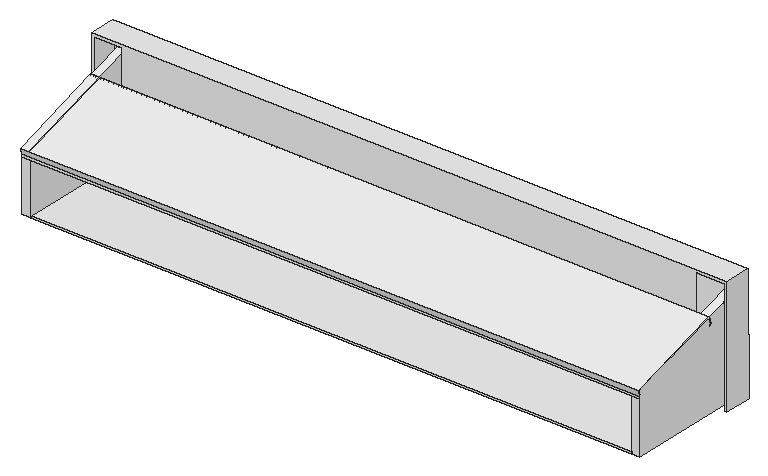
Revit family "Lavatory-Four_Station-Sloan-Gradient-ELGR-84000", category Plumbing Fixtures, host Face, Revit 2015
Parameters (values of type "ELGR-84000")
  Width = 120"
  Waste Connection Radius = 3/4"
  Waste Connection Height = 20"
  Waste Connection Diameter = Waste Connection Radius * 2  # 1 1/2"
  Waste Connection = yes
  Warranty Information = "3 Year Limited Warranty"
  WFU = 2
  Vent Connection = no
  URL = "https://www.sloan.com/"
  Type Comments = "Provide 4 sets of faucets."
  Soap Dispenser Holes = no
  Soap Dispenser Hole Punch = if(Soap Dispenser Holes, 0", 1/4")  # 1/4"
  Revised Date = "01/24/2019"  # constant formula
  Product Page URL = "https://www.sloan.com/commercial-bathroom-products/sinks/sloanstone/elgr-84000"
  Product Documentation Link = "https://www.sloan.com/spec-sheet/152153311"
  Price = "Prices may vary. Please consult Manufacturer Representative for most up-to-date price list."  # constant formula
  Model = "ELGR-84000"
  Material = "SloanStone-Sloan-WH-White"
  Manufacturer = "SLOAN"
  Length = 22"
  Installation Type = "Wall Mounted"
  IAPMO Compliance = "cUPC"
  Hot Water Connection Width = Cold Water Connection Width  # 4"
  Hot Water Connection Height = Cold Water Connection Height  # 24"
  Hot Water Connection Diameter = Cold Water Connection Diameter  # 1/2"
  Faucet Width = 30"
  Faucet Hole Punch = if(Faucet Holes, 0", 1/4")  # 0"
  Height = 5"
  HWFU = 1.5
  HW Connection = yes
  Finish = SloanStone-Sloan-WH-White
  Faucet Holes = yes
  ENC - Enclosure = no
  Description = "SloanStone® Four Station Gradient Solid Surface lavatory."
  Default Elevation = 34"
  Creation Date = "04/15/2013"
  Cold Water Connection Width = 4"
  Cold Water Connection Radius = 1/4"
  Cold Water Connection Height = 24"
  Cold Water Connection Diameter = Cold Water Connection Radius * 2  # 1/2"
  CWFU = 1.5
  CW Connection = yes
  Basin Shape = "Rectangular"
  Assembly Code = "D2010300"
  ADA Compliant = yes
  AB - Angle Bracket = yes
Reference planes (in)
  plane 1 "Center (Front/Back)": y = 0
  plane 2: z = 0
  plane 3 "Center (Left/Right)": x = 0
  plane 4: y = -5
  plane 5: x = 60
  plane 6: x = -60
  plane 7: z = 22
  plane 8: y = -34
  plane 9: y = -14
  plane 10: y = -10
  plane 11: x = -15
  plane 12: x = 15
  plane 13: x = 9
  plane 14: x = -9
  plane 15: z = 5
  plane 16: z = 7.5
  plane 17: z = 19
  plane 18: z = 6.25
  plane 19: x = 56
  plane 20: x = 4
  plane 21: x = 27
  plane 22: x = 39
  plane 23: x = -39
Forms (in)
  Extrusion 1, solid, material "SloanStone-Sloan-WH-White" <- "Finish"
    sketch origin (0, 0, 0) x (1, 0, 0) y (0, 0, 1)
      loop
        line (60, 22) -> (-60, 22) -> (-60, 0) -> (-59.52756, 0) -> (-59.52756, 21.52756) -> (59.52756, 21.52756) -> (59.52756, 0) -> (60, 0) -> (60, 22)
    from 0 to 5
  Extrusion 2, solid, material "SloanStone-Sloan-WH-White" <- "Finish"
    sketch origin (0, 0, 0) x (1, 0, 0) y (0, 0, 1)
      loop
        line (60, 0) -> (60, 22) -> (-60, 22) -> (-60, 0) -> (60, 0)
      loop
        line (56, 19) -> (-56, 19) -> (-56, 5) -> (56, 5) -> (56, 19)
    from 0 to 0.47244
  Extrusion 3, solid, material "SloanStone-Sloan-WH-White" <- "Finish"
    sketch origin (0, 0, 0) x (0, 1, 0) y (0, 0, 1)
      loop
        line (0, 19) -> (0, 22) -> (-5, 22) -> (-5, 4.52756) -> (0, 4.52756) -> (0, 5) -> (-4, 5) -> (-4, 7.5) -> (0, 19)
    from -59.52756 to 59.52756
  Extrusion 4, solid, material "SloanStone-Sloan-WH-White" <- "Finish"
    sketch origin (0, 0, 0) x (1, 0, 0) y (0, 1, 0)
      loop
        line (56, 0) -> (53.91846, -4.75781) -> (54.43413, -4.75781) -> (56.30898, -0.47244) -> (56, 0)
      loop
        line (-56, 0) -> (-56.30898, -0.47244) -> (-54.43413, -4.75781) -> (-53.91846, -4.75781) -> (-56, 0)
    from 5 to 19.08029
  Extrusion 5, solid, not visible
    sketch origin (0, 0, 0) x (1, 0, 0) y (0, 1, 0)
      loop
        circle (-19, -10) r 0.25
      loop
        circle (-11, -10) r 0.25
      loop
        circle (19.02866, -10.12573) r 0.25
      loop
        circle (11, -10) r 0.25
      loop
        circle (49.02866, -10.12573) r 0.25
      loop
        circle (41, -10) r 0.25
      loop
        circle (-49, -10) r 0.25
      loop
        circle (-41, -10) r 0.25
      loop
        circle (-27, -14) r 0.75
    from 0 to 0.032
  Extrusion 6, void
    sketch origin (0, 0, 0) x (1, 0, 0) y (0, 0, 1)
      loop
        circle (15, 2.75) r 0.625
      loop
        circle (-15, 2.75) r 0.625
      loop
        circle (45, 2.75) r 0.625
      loop
        circle (-45, 2.75) r 0.625
      loop
        circle (39, 2.75) r 0.62421
      loop
        circle (9, 2.75) r 0.62421
      loop
        circle (-9, 2.75) r 0.62421
      loop
        circle (-39, 2.75) r 0.62421
    from 0 <- "Faucet Hole Punch" to 0.47244
  Extrusion 7, void
    sketch origin (27, 0, 0) x (1, 0, 0) y (0, 0, 1)
      loop
        circle (0, 6.25) r 0.75
    from 4 to 5
  Revolve 8, solid, material "Cast Brass-Sloan-Chrome Plated"
    sketch origin (27, -3.91406, 6.19531) x (0, 0, -1) y (0, 1, 0)
      loop
        line (0, 0) -> (0, -0.08594) -> (1.08203, -0.08594)
        arc (1.08203, -0.08594) -> (1.125, -0.04297) -> (1.08203, 0) r 0.04297
        line (1.08203, 0) -> (0, 0)
      axis (0, -0.08594) -> (0, 0)
    angle from 0 to 360
  Extrusion 9, void
    sketch origin (27, -3.91406, 6.19531) x (1, 0, 0) y (0, 0, -1)
      loop
        circle (0, 0) r 0.10938
      loop
        circle (0, 0.25) r 0.10938
      loop
        circle (0, 0.5) r 0.10938
      loop
        circle (-0.25, 0.125) r 0.10938
      loop
        circle (-0.25, 0.375) r 0.10938
      loop
        circle (-0.25, -0.125) r 0.10938
      loop
        circle (-0.25, -0.375) r 0.10938
      loop
        circle (0, -0.25) r 0.10938
      loop
        circle (0, -0.5) r 0.10938
      loop
        circle (-0.5, 0.25) r 0.10938
      loop
        circle (-0.5, 0) r 0.10938
      loop
        circle (-0.5, -0.25) r 0.10938
      loop
        circle (0.25, 0.125) r 0.10938
      loop
        circle (0.25, 0.375) r 0.10938
      loop
        circle (0.25, -0.125) r 0.10938
      loop
        circle (0.25, -0.375) r 0.10938
      loop
        circle (0.5, 0.25) r 0.10938
      loop
        circle (0.5, 0) r 0.10938
      loop
        circle (0.5, -0.25) r 0.10938
    from -0.08594 to 0.17458
  Extrusion 10, void
    sketch origin (0, 0, 0) x (1, 0, 0) y (0, 1, 0)
      loop
        line (-56.30898, -0.47244) -> (-59.52756, -0.47244) -> (-59.52756, -5) -> (-54.32818, -5) -> (-56.30898, -0.47244)
      loop
        line (56.30898, -0.47244) -> (54.32818, -5) -> (59.52756, -5) -> (59.52756, -0.47244) -> (56.30898, -0.47244)
    from 0 to 21.52756
  Extrusion 11, void
    sketch origin (-27, 0, 0) x (-1, 0, 0) y (0, 0, -1)
      loop
        circle (0, -6.25) r 0.75
    from 4 to 5
  Revolve 12, solid, material "Cast Brass-Sloan-Chrome Plated"
    sketch origin (-27, -3.91406, 6.19531) x (0, 0, -1) y (0, -1, 0)
      loop
        line (0, 0) -> (1.08203, 0)
        arc (1.08203, 0) -> (1.125, 0.04297) -> (1.08203, 0.08594) r 0.04297
        line (1.08203, 0.08594) -> (0, 0.08594) -> (0, 0)
      axis (0, 0.08594) -> (0, 0)
    angle from 0 to 360
  Extrusion 13, void
    sketch origin (-27, -3.91406, 6.19531) x (-1, 0, 0) y (0, 0, 1)
      loop
        circle (0, 0) r 0.10938
      loop
        circle (0, -0.25) r 0.10938
      loop
        circle (0, -0.5) r 0.10938
      loop
        circle (-0.25, -0.125) r 0.10938
      loop
        circle (-0.25, -0.375) r 0.10938
      loop
        circle (-0.25, 0.125) r 0.10938
      loop
        circle (-0.25, 0.375) r 0.10938
      loop
        circle (0, 0.25) r 0.10938
      loop
        circle (0, 0.5) r 0.10938
      loop
        circle (-0.5, -0.25) r 0.10938
      loop
        circle (-0.5, 0) r 0.10938
      loop
        circle (-0.5, 0.25) r 0.10938
      loop
        circle (0.25, -0.125) r 0.10938
      loop
        circle (0.25, -0.375) r 0.10938
      loop
        circle (0.25, 0.125) r 0.10938
      loop
        circle (0.25, 0.375) r 0.10938
      loop
        circle (0.5, -0.25) r 0.10938
      loop
        circle (0.5, 0) r 0.10938
      loop
        circle (0.5, 0.25) r 0.10938
    from -0.08594 to 0.17458
  Extrusion 14, solid, material "Metal-Sloan-Chrome"
    sketch origin (-14.08173, -0.53181, 0) x (0, 1, 0) y (0, 0, 1)
      loop
        line (-22.97257, 9.7546) -> (-22.97257, 10.28814) -> (-23.27074, 11.2332) -> (-6.7584, 16.44285) -> (-6.34019, 15.11723) -> (-6.59291, 15.0375) -> (-6.55981, 14.9326) -> (-6.20219, 15.04543) -> (-6.68686, 16.58169) -> (-23.41257, 11.30492) -> (-23.07852, 10.24636) -> (-23.07852, 9.7546) -> (-22.97257, 9.7546)
    from -44.3125 to 72.47596
  Extrusion 15, solid, material "Stainless Steel-Sloan-Satin"
    sketch origin (-14.08173, -0.53181, 0) x (0, 1, 0) y (0, 0, 1)
      loop
        line (-22.97, 0) -> (-0.47, 0) -> (-0.47, 0.25) -> (-22.97, 0.25) -> (-22.97, 0)
    from -42.75666 to 70.92012
  Extrusion 16, solid, material "Stainless Steel-Sloan-Satin"
    sketch origin (-0.89423, 28.8716, 0) x (0, 1, 0) y (0, 0, 1)
      loop
        line (-52.67414, 11.2332) -> (-52.37341, 10.28) -> (-52.37341, 0) -> (-29.87341, 0) -> (-29.87341, 18.42646) -> (-52.67414, 11.2332)
    from -57.5 to -55.94417
  Extrusion 17, solid, material "Stainless Steel-Sloan-Satin"
    sketch origin (0.89423, 28.8716, 0) x (0, 1, 0) y (0, 0, -1)
      loop
        line (-52.67414, -11.2332) -> (-29.87341, -18.42646) -> (-29.87341, 0) -> (-52.37341, 0) -> (-52.37341, -10.28) -> (-52.67414, -11.2332)
    from -57.5 to -55.94417
Cuts and joins
  Extrusion 6, Extrusion 7, Extrusion 10, Extrusion 11 cuts Extrusion 1
  Extrusion 6, Extrusion 7, Extrusion 10, Extrusion 11 cuts Extrusion 2
  Extrusion 6, Extrusion 7, Extrusion 10, Extrusion 11 cuts Extrusion 3
  Extrusion 6, Extrusion 7, Extrusion 10, Extrusion 11 cuts Extrusion 4
  joined: Extrusion 1, Extrusion 2, Extrusion 3, Extrusion 4
  Extrusion 9, Extrusion 11, Extrusion 13 cuts Revolve 8
  Extrusion 13 cuts Revolve 12
Lines and regions (in)
  Masking region 1
    outline origin (0, 0, 0) x (1, 0, 0) y (0, 0, 1)
      loop
        line (60, 0) -> (60, 22) -> (-60, 22) -> (-60, 0) -> (60, 0)
  symbolic lines, detail levels medium+fine
    curve 1: line (56, 0, 19) -> (-56, 0, 19)
    curve 2: line (56, 0, 5) -> (56, 0, 19)
    curve 3: line (-56, 0, 5) -> (56, 0, 5)
    curve 4: line (-56, 0, 19) -> (-56, 0, 5)
  symbolic lines, detail levels fine
    curve 5: line (54.25, 0, 5) -> (54.25, 0, 7.5)
    curve 6: line (54.25, 0, 7.5) -> (56, 0, 19)
    curve 7: line (-54.25, 0, 5) -> (-54.25, 0, 7.5)
    curve 8: line (-54.25, 0, 7.5) -> (-56, 0, 19)
    curve 9: line (54.25, 0, 7.5) -> (-54.25, 0, 7.5)
    curve 10: circle (27, 0, 6.19531) r 1.11389 normal (0, -1, 0)
    curve 11: circle (27, 0, 6.69531) r 0.10938 normal (0, -1, 0)
    curve 12: circle (26.75, 0, 6.57031) r 0.10938 normal (0, -1, 0)
    curve 13: circle (26.5, 0, 6.44531) r 0.10938 normal (0, -1, 0)
    curve 14: circle (27.25, 0, 6.57031) r 0.10938 normal (0, -1, 0)
    curve 15: circle (27.5, 0, 6.44531) r 0.10938 normal (0, -1, 0)
    curve 16: circle (27.5, 0, 6.19531) r 0.10938 normal (0, -1, 0)
    curve 17: circle (27.25, 0, 6.32031) r 0.10938 normal (0, -1, 0)
    curve 18: circle (27, 0, 6.44531) r 0.10938 normal (0, -1, 0)
    curve 19: circle (26.75, 0, 6.32031) r 0.10938 normal (0, -1, 0)
    curve 20: circle (26.5, 0, 6.19531) r 0.10938 normal (0, -1, 0)
    curve 21: circle (27, 0, 6.19531) r 0.10938 normal (0, -1, 0)
    curve 22: circle (27.25, 0, 6.07031) r 0.10938 normal (0, -1, 0)
    curve 23: circle (27.5, 0, 5.94531) r 0.10938 normal (0, -1, 0)
    curve 24: circle (27.25, 0, 5.82031) r 0.10938 normal (0, -1, 0)
    curve 25: circle (27, 0, 5.94531) r 0.10938 normal (0, -1, 0)
    curve 26: circle (26.75, 0, 6.07031) r 0.10938 normal (0, -1, 0)
    curve 27: circle (27, 0, 5.69531) r 0.10938 normal (0, -1, 0)
    curve 28: circle (26.75, 0, 5.82031) r 0.10938 normal (0, -1, 0)
    curve 29: circle (26.5, 0, 5.94531) r 0.10938 normal (0, -1, 0)
    curve 30: circle (45, 0, 2.75) r 0.625 normal (0, -1, 0)
    curve 31: circle (39, 0, 2.75) r 0.62421 normal (0, -1, 0)
    curve 32: circle (15, 0, 2.75) r 0.625 normal (0, -1, 0)
    curve 33: circle (9, 0, 2.75) r 0.62421 normal (0, -1, 0)
    curve 34: circle (-9, 0, 2.75) r 0.62421 normal (0, -1, 0)
    curve 35: circle (-15, 0, 2.75) r 0.625 normal (0, -1, 0)
    curve 36: circle (-39, 0, 2.75) r 0.62421 normal (0, -1, 0)
    curve 37: circle (-45, 0, 2.75) r 0.625 normal (0, -1, 0)
    curve 38: circle (-27, 0, 6.19531) r 1.11389 normal (0, 1, 0)
    curve 39: circle (-27, 0, 6.69531) r 0.10938 normal (0, 1, 0)
    curve 40: circle (-26.75, 0, 6.57031) r 0.10938 normal (0, 1, 0)
    curve 41: circle (-26.5, 0, 6.44531) r 0.10938 normal (0, 1, 0)
    curve 42: circle (-27.25, 0, 6.57031) r 0.10938 normal (0, 1, 0)
    curve 43: circle (-27.5, 0, 6.44531) r 0.10938 normal (0, 1, 0)
    curve 44: circle (-27.5, 0, 6.19531) r 0.10938 normal (0, 1, 0)
    curve 45: circle (-27.25, 0, 6.32031) r 0.10938 normal (0, 1, 0)
    curve 46: circle (-27, 0, 6.44531) r 0.10938 normal (0, 1, 0)
    curve 47: circle (-26.75, 0, 6.32031) r 0.10938 normal (0, 1, 0)
    curve 48: circle (-26.5, 0, 6.19531) r 0.10938 normal (0, 1, 0)
    curve 49: circle (-27, 0, 6.19531) r 0.10938 normal (0, 1, 0)
    curve 50: circle (-27.25, 0, 6.07031) r 0.10938 normal (0, 1, 0)
    curve 51: circle (-27.5, 0, 5.94531) r 0.10938 normal (0, 1, 0)
    curve 52: circle (-27.25, 0, 5.82031) r 0.10938 normal (0, 1, 0)
    curve 53: circle (-27, 0, 5.94531) r 0.10938 normal (0, 1, 0)
    curve 54: circle (-26.75, 0, 6.07031) r 0.10938 normal (0, 1, 0)
    curve 55: circle (-27, 0, 5.69531) r 0.10938 normal (0, 1, 0)
    curve 56: circle (-26.75, 0, 5.82031) r 0.10938 normal (0, 1, 0)
    curve 57: circle (-26.5, 0, 5.94531) r 0.10938 normal (0, 1, 0)
Dimensions and locks (in)
  "Width": plane 5 to plane 6
  "Length": host face to plane 7
  "Height": plane 4 to plane 1 "Center (Front/Back)"
  "Cold Water Connection Height": plane 8 to plane 10
  "Waste Connection Height": plane 8 to plane 9
  "Default Elevation": plane 8 to plane 1 "Center (Front/Back)"
  "Faucet Width": plane 12 to plane 11
  equal spacing: plane 12, plane 3 "Center (Left/Right)", plane 11
  locked: plane 12 to plane 13 at 6
  locked: plane 14 to plane 11 at 6
  plane 5 to plane 19 to plane 20 to plane 6 = 4", 52", 64"
  equal spacing: plane 5, plane 3 "Center (Left/Right)", plane 6
  "Waste Connection Diameter": diameter of Extrusion 5 sketch curve
  aligned and locked: plane 2 to host face
  aligned and locked: level to host face
  aligned and locked: Extrusion 2 sketch curve to level
  aligned and locked: Extrusion 2 sketch curve to plane 7
  aligned and locked: plane 12 to Extrusion 6 sketch curve
  aligned and locked: plane 11 to Extrusion 6 sketch curve
  aligned and locked: Extrusion 2 to Extrusion 6
Automatic sketch dimensions
  host sketch curve to host sketch curve = 96"  (x2)
  Extrusion 1 sketch curve to level = 0"  (x2)
  Extrusion 1 sketch curve to plane 6 = 0"
  Extrusion 1 sketch curve to plane 5 = 0"
  Extrusion 1 sketch curve to plane 7 = 0"
  plane 6 to Extrusion 1 sketch curve = 0.47244"
  Extrusion 1 sketch curve to plane 5 = 0.47244"
  plane 7 to Extrusion 1 sketch curve = 0.47244"
  Extrusion 2 sketch curve to plane 6 = 0"
  Extrusion 2 sketch curve to plane 15 = 0"
  Extrusion 2 sketch curve to plane 17 = 0"
  Extrusion 2 sketch curve to plane 19 = 0"
  Extrusion 2 sketch curve to plane 5 = 0"
  plane 6 to Extrusion 2 sketch curve = 4"
  Extrusion 3 sketch curve to plane 4 = 0"
  plane 15 to Extrusion 3 sketch curve = 0"
  plane 16 to Extrusion 3 sketch curve = 0"
  Extrusion 3 sketch curve to plane 1 "Center (Front/Back)" = 0"  (x2)
  plane 17 to Extrusion 3 sketch curve = 0"
  plane 7 to Extrusion 3 sketch curve = 0"
  Extrusion 3 sketch curve to plane 4 = 1"
  plane 15 to Extrusion 3 sketch curve = 0.47244"
  plane 1 "Center (Front/Back)" to Extrusion 4 sketch curve = 0"  (x2)
  Extrusion 4 sketch curve to plane 19 = 0"
  Extrusion 4 sketch curve to plane 4 = 31/128"  (x2)
  Extrusion 4 sketch curve to plane 19 = 1.56587"
  Extrusion 4 sketch curve to Extrusion 4 sketch curve = 0.51568"  (x2)
  plane 6 to Extrusion 4 sketch curve = 6.08154"
  plane 6 to Extrusion 4 sketch curve = 4"
  plane 1 "Center (Front/Back)" to Extrusion 4 sketch curve = 0.47244"  (x2)
  Extrusion 4 sketch curve to Extrusion 4 sketch curve = 0.30898"
  plane 19 to Extrusion 4 sketch curve = 0.30898"
  plane 10 to Extrusion 5 sketch curve = 0"  (x6)
  plane 9 to Extrusion 5 sketch curve = 0"
  Extrusion 5 sketch curve to plane 23 = 10"
  Extrusion 5 sketch curve to plane 23 = 2"
  Extrusion 5 sketch curve to plane 11 = 12"
  Extrusion 5 sketch curve to plane 11 = 4"
  Extrusion 5 sketch curve to plane 14 = 2"
  plane 13 to Extrusion 5 sketch curve = 2"
  plane 10 to Extrusion 5 sketch curve = 0.12573"  (x2)
  plane 12 to Extrusion 5 sketch curve = 4.02866"
  Extrusion 5 sketch curve to plane 22 = 2"
  Extrusion 5 sketch curve to plane 19 = 6.97134"
  Extrusion 6 sketch curve to plane 23 = 0"
  Extrusion 6 sketch curve to plane 14 = 0"
  Extrusion 6 sketch curve to plane 13 = 0"
  plane 22 to Extrusion 6 sketch curve = 0"
  plane 15 to Extrusion 6 sketch curve = 2 1/4"  (x8)
  Extrusion 6 sketch curve to Extrusion 6 sketch curve = 6"
  Extrusion 6 sketch curve to plane 22 = 6"
  Extrusion 7 sketch curve to plane 18 = 0"
  Extrusion 7 sketch curve to plane 21 = 0"
  plane 18 to Revolve 8 sketch curve = 7/128"  (x2)
  Revolve 8 sketch curve to plane 15 = 29/256"
  Revolve 8 sketch curve to plane 4 = 1"
  Revolve 8 sketch curve to Revolve 8 sketch curve = 11/256"
  Revolve 8 sketch curve to Revolve 8 sketch curve = 0.36293"
  Revolve 8 sketch curve to Revolve 8 sketch curve = 0.57457"
  Extrusion 9 sketch curve to plane 21 = 0"  (x5)
  Extrusion 9 sketch curve to plane 21 = 1/4"  (x4)
  Extrusion 9 sketch curve to plane 18 = 9/128"  (x2)
  Extrusion 9 sketch curve to Extrusion 9 sketch curve = 1/4"  (x11)
  plane 18 to Extrusion 9 sketch curve = 7/128"  (x3)
  Extrusion 9 sketch curve to Extrusion 9 sketch curve = 0"  (x5)
  plane 21 to Extrusion 9 sketch curve = 1/4"  (x3)
  Extrusion 9 sketch curve to plane 18 = 25/128"  (x3)
  plane 18 to Extrusion 9 sketch curve = 23/128"  (x2)
  plane 4 to Extrusion 10 sketch curve = 0"  (x2)
  plane 6 to Extrusion 10 sketch curve = 0.47244"
  plane 1 "Center (Front/Back)" to Extrusion 10 sketch curve = 0.47244"  (x2)
  Extrusion 10 sketch curve to Extrusion 10 sketch curve = 3.21858"
  Extrusion 10 sketch curve to Extrusion 10 sketch curve = 1.98081"
  Extrusion 10 sketch curve to plane 19 = 1.67182"
  plane 19 to Extrusion 10 sketch curve = 0.30898"
  Extrusion 10 sketch curve to plane 5 = 0.47244"
  Extrusion 11 sketch curve to plane 18 = 0"
  plane 11 to Extrusion 11 sketch curve = 12"
  plane 18 to Revolve 12 sketch curve = 7/128"  (x2)
  Revolve 12 sketch curve to plane 15 = 29/256"
  Revolve 12 sketch curve to plane 4 = 1 11/128"
  Revolve 12 sketch curve to Revolve 12 sketch curve = 11/256"
  Revolve 12 sketch curve to Revolve 12 sketch curve = 0.36293"
  Revolve 12 sketch curve to Revolve 12 sketch curve = 0.57457"
  plane 18 to Extrusion 13 sketch curve = 39/128"
  Extrusion 13 sketch curve to plane 11 = 11 1/2"
  plane 18 to Extrusion 13 sketch curve = 7/128"  (x3)
  Extrusion 13 sketch curve to Extrusion 13 sketch curve = 0"  (x12)
  Extrusion 13 sketch curve to Extrusion 13 sketch curve = 1/4"  (x12)
  Extrusion 13 sketch curve to plane 18 = 9/128"  (x2)
  Extrusion 13 sketch curve to Extrusion 13 sketch curve = 1/8"  (x2)
  plane 18 to Extrusion 13 sketch curve = 23/128"  (x2)
  Extrusion 13 sketch curve to plane 18 = 25/128"  (x3)
  Extrusion 14 sketch curve to plane 16 = 3.80492"
  plane 9 to Extrusion 14 sketch curve = 9.94437"
  Extrusion 14 sketch curve to plane 16 = 3.7332"
  Extrusion 14 sketch curve to Extrusion 14 sketch curve = 0.14183"
  Extrusion 14 sketch curve to Extrusion 14 sketch curve = 0.19222"
  Extrusion 14 sketch curve to Extrusion 14 sketch curve = 0.10595"
  plane 4 to Extrusion 14 sketch curve = 2.29021"
  Extrusion 14 sketch curve to Extrusion 14 sketch curve = 0.07154"
  Extrusion 14 sketch curve to Extrusion 14 sketch curve = 0.16549"
  Extrusion 14 sketch curve to Extrusion 14 sketch curve = 0.0331"
  Extrusion 14 sketch curve to Extrusion 14 sketch curve = 0.25272"
  Extrusion 14 sketch curve to Extrusion 14 sketch curve = 0.138"
  Extrusion 14 sketch curve to Extrusion 14 sketch curve = 0.94506"
  Extrusion 14 sketch curve to Extrusion 14 sketch curve = 0.04178"
  Extrusion 14 sketch curve to Extrusion 14 sketch curve = 0.49176"
  plane 17 to Extrusion 14 sketch curve = 4.0674"
  Extrusion 14 sketch curve to Extrusion 14 sketch curve = 0.1049"
  Extrusion 14 sketch curve to Extrusion 14 sketch curve = 0.13884"
  Extrusion 15 sketch curve to level = 0"
  level to Extrusion 15 sketch curve = 1/4"
  plane 9 to Extrusion 15 sketch curve = 9.50181"
  plane 1 "Center (Front/Back)" to Extrusion 15 sketch curve = 1.00181"
  Extrusion 16 sketch curve to level = 0"
  Extrusion 16 sketch curve to plane 16 = 3.7332"
  plane 9 to Extrusion 16 sketch curve = 9.80254"
  Extrusion 16 sketch curve to Extrusion 16 sketch curve = 0.30074"
  plane 1 "Center (Front/Back)" to Extrusion 16 sketch curve = 1.00181"
  Extrusion 16 sketch curve to Extrusion 16 sketch curve = 0.9532"
  plane 17 to Extrusion 16 sketch curve = 0.57354"
  Extrusion 17 sketch curve to level = 0"
  Extrusion 17 sketch curve to plane 16 = 3.7332"
  plane 9 to Extrusion 17 sketch curve = 9.80254"
  Extrusion 17 sketch curve to Extrusion 17 sketch curve = 0.30074"
  plane 1 "Center (Front/Back)" to Extrusion 17 sketch curve = 1.00181"
  plane 17 to Extrusion 17 sketch curve = 0.57354"
  Extrusion 17 sketch curve to Extrusion 17 sketch curve = 0.9532"
  Masking region 1 sketch curve to level = 0"
  Masking region 1 sketch curve to plane 6 = 0"
  Masking region 1 sketch curve to plane 5 = 0"
  Masking region 1 sketch curve to plane 7 = 0"
  curve 10 to curve 21 = 0"  (x2)
  curve 38 to curve 49 = 0"  (x2)
  curve 1 to plane 17 = 0"
  curve 3 to plane 15 = 0"
  curve 8 to plane 16 = 0"
  curve 36 to plane 23 = 0"
  curve 35 to plane 11 = 0"
  curve 34 to plane 14 = 0"
  curve 33 to plane 13 = 0"
  curve 32 to plane 12 = 0"
  curve 25 to plane 21 = 0"
  curve 10 to plane 21 = 0"
  curve 11 to plane 21 = 0"
  curve 18 to plane 21 = 0"
  curve 27 to plane 21 = 0"
  plane 22 to curve 31 = 0"
  curve 3 to plane 19 = 0"
  plane 15 to curve 37 = 2 1/4"
  curve 37 to curve 36 = 6"
  plane 6 to curve 7 = 5 3/4"
  curve 4 to curve 7 = 1 3/4"
  plane 18 to curve 51 = 39/128"
  plane 23 to curve 51 = 11 1/2"
  curve 43 to plane 18 = 25/128"
  curve 43 to curve 51 = 0"
  plane 18 to curve 44 = 7/128"
  curve 43 to curve 44 = 0"
  curve 51 to curve 52 = 1/4"
  curve 43 to curve 42 = 1/4"
  curve 45 to plane 18 = 9/128"
  curve 42 to curve 45 = 0"
  curve 45 to curve 50 = 0"
  curve 50 to curve 53 = 1/4"
  curve 53 to curve 55 = 0"
  plane 18 to curve 38 = 7/128"
  curve 38 to curve 53 = 0"
  curve 46 to curve 38 = 0"
  curve 39 to curve 46 = 0"
  curve 39 to curve 40 = 1/4"
  curve 55 to curve 56 = 1/4"
  curve 54 to curve 56 = 0"
  curve 47 to plane 18 = 9/128"
  curve 40 to curve 47 = 0"
  plane 18 to curve 48 = 7/128"
  curve 47 to curve 48 = 1/4"
  curve 41 to curve 48 = 0"
  curve 48 to curve 57 = 0"
  curve 29 to plane 21 = 1/2"
  curve 13 to plane 18 = 25/128"
  curve 13 to curve 29 = 0"
  plane 18 to curve 20 = 7/128"
  curve 13 to curve 20 = 0"
  curve 12 to plane 21 = 1/4"
  curve 19 to plane 18 = 9/128"
  curve 19 to plane 21 = 1/4"
  curve 26 to plane 21 = 1/4"
  curve 28 to plane 21 = 1/4"
  plane 21 to curve 22 = 1/4"
  curve 17 to plane 18 = 9/128"
  plane 21 to curve 17 = 1/4"
  plane 21 to curve 24 = 1/4"
  curve 14 to curve 17 = 0"
  curve 17 to curve 15 = 1/4"
  plane 18 to curve 16 = 7/128"
  curve 15 to curve 16 = 0"
  curve 16 to curve 23 = 0"
  plane 15 to curve 30 = 2 1/4"
  curve 30 to plane 22 = 6"
  curve 9 to plane 19 = 1 3/4"
  plane 15 to curve 31 = 2 1/4"
  plane 15 to curve 35 = 2 1/4"
  plane 15 to curve 32 = 2 1/4"
  plane 15 to curve 34 = 2 1/4"
  plane 15 to curve 33 = 2 1/4"
  plane 15 to curve 36 = 2 1/4"
  plane 18 to curve 27 = 71/128"
  curve 55 to curve 38 = 1/2"
  curve 55 to curve 52 = 1/8"
  curve 55 to curve 56 = 1/8"
  curve 27 to curve 28 = 1/8"
  curve 27 to curve 24 = 1/8"
  curve 55 to curve 53 = 1/4"
  curve 57 to curve 48 = 1/4"
  curve 27 to curve 25 = 1/4"
  curve 29 to curve 20 = 1/4"
  curve 23 to curve 16 = 1/4"
  plane 18 to curve 54 = 23/128"
  plane 18 to curve 26 = 23/128"
  plane 18 to curve 50 = 23/128"
  plane 18 to curve 22 = 23/128"
  plane 18 to curve 10 = 7/128"
  curve 46 to plane 18 = 25/128"
  curve 15 to plane 18 = 25/128"
  curve 18 to plane 18 = 25/128"
  curve 41 to plane 18 = 25/128"
  curve 19 to curve 12 = 1/4"
  curve 45 to curve 42 = 1/4"
  curve 17 to curve 14 = 1/4"
  curve 47 to curve 40 = 1/4"
  curve 46 to curve 39 = 1/4"
  curve 18 to curve 11 = 1/4"
  radius of Extrusion 5 sketch curve = 1/4"  (x8)
  radius of Extrusion 6 sketch curve = 5/8"  (x4)
  radius of Extrusion 6 sketch curve = 0.62421"  (x4)
  radius of Extrusion 7 sketch curve = 3/4"
  radius of Extrusion 9 sketch curve = 7/64"  (x19)
  radius of Extrusion 11 sketch curve = 3/4"
  radius of Extrusion 13 sketch curve = 7/64"  (x19)
  radius of curve 10 = 1.11389"
  radius of curve 11 = 7/64"
  radius of curve 12 = 7/64"
  radius of curve 13 = 7/64"
  radius of curve 14 = 7/64"
  radius of curve 15 = 7/64"
  radius of curve 16 = 7/64"
  radius of curve 17 = 7/64"
  radius of curve 18 = 7/64"
  radius of curve 19 = 7/64"
  radius of curve 20 = 7/64"
  radius of curve 21 = 7/64"
  radius of curve 22 = 7/64"
  radius of curve 23 = 7/64"
  radius of curve 24 = 7/64"
  radius of curve 25 = 7/64"
  radius of curve 26 = 7/64"
  radius of curve 27 = 7/64"
  radius of curve 28 = 7/64"
  radius of curve 29 = 7/64"
  radius of curve 30 = 5/8"
  radius of curve 31 = 0.62421"
  radius of curve 32 = 5/8"
  radius of curve 33 = 0.62421"
  radius of curve 34 = 0.62421"
  radius of curve 35 = 5/8"
  radius of curve 36 = 0.62421"
  radius of curve 37 = 5/8"
  radius of curve 38 = 1.11389"
  radius of curve 39 = 7/64"
  radius of curve 40 = 7/64"
  radius of curve 41 = 7/64"
  radius of curve 42 = 7/64"
  radius of curve 43 = 7/64"
  radius of curve 44 = 7/64"
  radius of curve 45 = 7/64"
  radius of curve 46 = 7/64"
  radius of curve 47 = 7/64"
  radius of curve 48 = 7/64"
  radius of curve 49 = 7/64"
  radius of curve 50 = 7/64"
  radius of curve 51 = 7/64"
  radius of curve 52 = 7/64"
  radius of curve 53 = 7/64"
  radius of curve 54 = 7/64"
  radius of curve 55 = 7/64"
  radius of curve 56 = 7/64"
  radius of curve 57 = 7/64"
Connectors (in)
  piping at (27, -14, 0), diameter 1.5, driven by "Waste Connection Diameter", driven by "WFU"
    settings: on cut or joined group of Revolve 8, Extrusion 9, Extrusion 11, Extrusion 13, index 4, connector inside diameter 24", connector length 0", flow factor 0, pipe flow 0 GPM, pressure drop 0.00 psi, fitting loss kfactor 0, connector angle 0.00°, fixture units 2, engagement length 0", angle of deflection 0.00°, flow configuration 3, flow direction 2, fitting loss method 0, system type 16, joint type 0, gender type 0, connector reference index -1, connector utility 0, adjustable connector yes, is connector primary yes, connector description "1-1/2\" Waste Outlet"
  piping at (11, -10, 0), diameter 0.5, driven by "Hot Water Connection Diameter", driven by "HWFU"
    settings: on Extrusion 5, index 5, connector inside diameter 24", connector length 0", flow factor 0, pipe flow 0 GPM, pressure drop 0.00 psi, fitting loss kfactor 0, connector angle 0.00°, fixture units 1.5, engagement length 0", angle of deflection 0.00°, flow configuration 3, flow direction 1, fitting loss method 0, system type 19, joint type 0, gender type 0, connector reference index -1, connector utility 0, adjustable connector no, is connector primary no, connector description "1/2\" HW Supply Inlet"
  piping at (19.02866, -10.12573, 0), diameter 0.5, driven by "Cold Water Connection Diameter", driven by "CWFU"
    settings: on Extrusion 5, index 6, connector inside diameter 24", connector length 0", flow factor 0, pipe flow 0 GPM, pressure drop 0.00 psi, fitting loss kfactor 0, connector angle 0.00°, fixture units 1.5, engagement length 0", angle of deflection 0.00°, flow configuration 3, flow direction 1, fitting loss method 0, system type 20, joint type 0, gender type 0, connector reference index -1, connector utility 0, adjustable connector no, is connector primary no, connector description "1/2\" CW Supply Inlet"
  piping at (-19, -10, 0), diameter 0.5, driven by "Hot Water Connection Diameter", driven by "HWFU"
    settings: on Extrusion 5, index 7, connector inside diameter 24", connector length 0", flow factor 0, pipe flow 0 GPM, pressure drop 0.00 psi, fitting loss kfactor 0, connector angle 0.00°, fixture units 1.5, engagement length 0", angle of deflection 0.00°, flow configuration 3, flow direction 1, fitting loss method 0, system type 19, joint type 0, gender type 0, connector reference index -1, connector utility 0, adjustable connector no, is connector primary no, connector description "1/2\" HW Supply Inlet"
  piping at (-11, -10, 0), diameter 0.5, driven by "Cold Water Connection Diameter", driven by "CWFU"
    settings: on Extrusion 5, index 8, connector inside diameter 24", connector length 0", flow factor 0, pipe flow 0 GPM, pressure drop 0.00 psi, fitting loss kfactor 0, connector angle 0.00°, fixture units 1.5, engagement length 0", angle of deflection 0.00°, flow configuration 3, flow direction 1, fitting loss method 0, system type 20, joint type 0, gender type 0, connector reference index -1, connector utility 0, adjustable connector no, is connector primary no, connector description "1/2\" CW Supply Inlet"
  piping at (49.02866, -10.12573, 0), diameter 0.5, driven by "Cold Water Connection Diameter", driven by "CWFU"
    settings: on Extrusion 5, index 9, connector inside diameter 24", connector length 0", flow factor 0, pipe flow 0 GPM, pressure drop 0.00 psi, fitting loss kfactor 0, connector angle 0.00°, fixture units 1.5, engagement length 0", angle of deflection 0.00°, flow configuration 3, flow direction 1, fitting loss method 0, system type 20, joint type 0, gender type 0, connector reference index -1, connector utility 0, adjustable connector no, is connector primary no, connector description "1/2\" CW Supply Inlet"
  piping at (41, -10, 0), diameter 0.5, driven by "Hot Water Connection Diameter", driven by "HWFU"
    settings: on Extrusion 5, index 10, connector inside diameter 24", connector length 0", flow factor 0, pipe flow 0 GPM, pressure drop 0.00 psi, fitting loss kfactor 0, connector angle 0.00°, fixture units 1.5, engagement length 0", angle of deflection 0.00°, flow configuration 3, flow direction 1, fitting loss method 0, system type 19, joint type 0, gender type 0, connector reference index -1, connector utility 0, adjustable connector no, is connector primary no, connector description "1/2\" HW Supply Inlet"
  piping at (-41, -10, 0), diameter 0.5, driven by "Cold Water Connection Diameter", driven by "CWFU"
    settings: on Extrusion 5, index 11, connector inside diameter 24", connector length 0", flow factor 0, pipe flow 0 GPM, pressure drop 0.00 psi, fitting loss kfactor 0, connector angle 0.00°, fixture units 1.5, engagement length 0", angle of deflection 0.00°, flow configuration 3, flow direction 1, fitting loss method 0, system type 20, joint type 0, gender type 0, connector reference index -1, connector utility 0, adjustable connector no, is connector primary no, connector description "1/2\" CW Supply Inlet"
  piping at (-49, -10, 0), diameter 0.5, driven by "Hot Water Connection Diameter", driven by "HWFU"
    settings: on Extrusion 5, index 12, connector inside diameter 24", connector length 0", flow factor 0, pipe flow 0 GPM, pressure drop 0.00 psi, fitting loss kfactor 0, connector angle 0.00°, fixture units 1.5, engagement length 0", angle of deflection 0.00°, flow configuration 3, flow direction 1, fitting loss method 0, system type 19, joint type 0, gender type 0, connector reference index -1, connector utility 0, adjustable connector no, is connector primary no, connector description "1/2\" HW Supply Inlet"
  piping at (27, -14, 0), diameter 1.5, driven by "Waste Connection Diameter", driven by "WFU"
    settings: on cut or joined group of Revolve 8, Extrusion 9, Extrusion 11, Extrusion 13, index 13, connector inside diameter 24", connector length 0", flow factor 0, pipe flow 0 GPM, pressure drop 0.00 psi, fitting loss kfactor 0, connector angle 0.00°, fixture units 2, engagement length 0", angle of deflection 0.00°, flow configuration 3, flow direction 2, fitting loss method 0, system type 16, joint type 0, gender type 0, connector reference index -1, connector utility 0, adjustable connector yes, is connector primary no, connector description "1-1/2\" Sanitary Outlet"
  piping at (-27, -14, 0.032), diameter 1.5, driven by "WFU", driven by "Waste Connection Diameter"
    settings: on Extrusion 5, index 14, connector inside diameter 24", connector length 0", flow factor 0, pipe flow 0 GPM, pressure drop 0.00 psi, fitting loss kfactor 0, connector angle 0.00°, fixture units 2, engagement length 0", angle of deflection 0.00°, flow configuration 3, flow direction 2, fitting loss method 0, system type 16, joint type 0, gender type 0, connector reference index -1, connector utility 0, adjustable connector yes, is connector primary no, connector description "1-1/2\" Sanitary Outlet"
